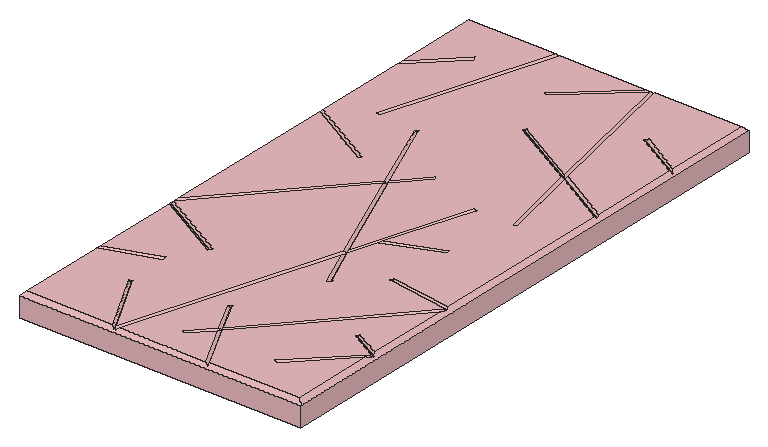
Revit family "TWIGS  2ft x 4ft", category Specialty Equipment, Revit 2023
Family settings
  Round Connector Dimension = Use Diameter
  Part Type = Normal
  OmniClass Number = 23.35.00.00
  OmniClass Title = Covering, Cladding, and Finishes
  Work Plane-Based = Yes
  Enable Cutting in Views = Yes
  Always vertical = No
  Cut with Voids When Loaded = No
  Maintain Annotation Orientation = No
  Shared = No
  Room Calculation Point = No
Parameters (values of type "2 INCH THICK - CUSTOM PAINTED - STANDARD")
  URL = "https://www.acousticalsurfaces.com/envirocoustic-wood-wool/designs/"
  Type Comments = "Acoustic panels for vertical and horizontal surfaces"
  Thickness = 0' - 2"
  Recycled Content Percentage = "0%"
  Model = "Envirocoustic Wood Wool"
  Material = "Envirocoustic Wood Wool"
  Manufacturer = "Acoustical Surfaces, Inc."
  Fire Rating = "ASTM E84 - Class A"
  Finish = Paint - Acoustical-Surfaces - Custom Painted
  Description = "Acoustic Panels"
  Default Elevation = 0' - 0"
  Backer Thickness = 0' - 1"
  Backer = no
  Assembly Code = "C30"
  Acoustics - NRC = "Sound absorption varies from NRC 0.45 to 0.95 based on installation method used when tested per ASTM C423."
Types (27): name | Thickness | Finish | Backer Thickness | Backer
  2 INCH THICK - CUSTOM PAINTED - STANDARD | 0' - 2" | Paint - Acoustical-Surfaces - Custom Painted | 0' - 1" | no
  2 INCH THICK - PRIMED WHITE - STANDARD | 0' - 2" | Paint - Acoustical-Surfaces - Primed White | 0' - 1" | no
  2 INCH THICK - PRIMED CLEAR - STANDARD | 0' - 2" | Paint - Acoustical-Surfaces - Primed Clear | 0' - 1" | no
  2 INCH THICK - PRIMED WHITE - 2 INCH CFAB BACKER | 0' - 2" | Paint - Acoustical-Surfaces - Primed White | 0' - 2" | yes
  2 INCH THICK - PRIMED WHITE - 1 INCH CFAB BACKER | 0' - 2" | Paint - Acoustical-Surfaces - Primed White | 0' - 1" | yes
  2 INCH THICK - PRIMED CLEAR - 2 INCH CFAB BACKER | 0' - 2" | Paint - Acoustical-Surfaces - Primed Clear | 0' - 2" | yes
  2 INCH THICK - PRIMED CLEAR - 1 INCH CFAB BACKER | 0' - 2" | Paint - Acoustical-Surfaces - Primed Clear | 0' - 1" | yes
  2 INCH THICK - CUSTOM PAINTED - 2 INCH CFAB BACKER | 0' - 2" | Paint - Acoustical-Surfaces - Custom Painted | 0' - 2" | yes
  2 INCH THICK - CUSTOM PAINTED - 1 INCH CFAB BACKER | 0' - 2" | Paint - Acoustical-Surfaces - Custom Painted | 0' - 1" | yes
  1-3/8 INCH THICK - CUSTOM PAINTED - STANDARD | 0' - 1 3/8" | Paint - Acoustical-Surfaces - Custom Painted | 0' - 1" | no
  1-3/8 INCH THICK - PRIMED WHITE - STANDARD | 0' - 1 3/8" | Paint - Acoustical-Surfaces - Primed White | 0' - 1" | no
  1-3/8 INCH THICK - PRIMED CLEAR - STANDARD | 0' - 1 3/8" | Paint - Acoustical-Surfaces - Primed Clear | 0' - 1" | no
  1-3/8 INCH THICK - PRIMED WHITE - 2 INCH CFAB BACKER | 0' - 1 3/8" | Paint - Acoustical-Surfaces - Primed White | 0' - 2" | yes
  1-3/8 INCH THICK - PRIMED WHITE - 1 INCH CFAB BACKER | 0' - 1 3/8" | Paint - Acoustical-Surfaces - Primed White | 0' - 1" | yes
  1-3/8 INCH THICK - PRIMED CLEAR - 2 INCH CFAB BACKER | 0' - 1 3/8" | Paint - Acoustical-Surfaces - Primed Clear | 0' - 2" | yes
  1-3/8 INCH THICK - PRIMED CLEAR - 1 INCH CFAB BACKER | 0' - 1 3/8" | Paint - Acoustical-Surfaces - Primed Clear | 0' - 1" | yes
  1-3/8 INCH THICK - CUSTOM PAINTED - 2 INCH CFAB BACKER | 0' - 1 3/8" | Paint - Acoustical-Surfaces - Custom Painted | 0' - 2" | yes
  1-3/8 INCH THICK - CUSTOM PAINTED - 1 INCH CFAB BACKER | 0' - 1 3/8" | Paint - Acoustical-Surfaces - Custom Painted | 0' - 1" | yes
  1 INCH THICK - CUSTOM PAINTED - STANDARD | 0' - 1" | Paint - Acoustical-Surfaces - Custom Painted | 0' - 1" | no
  1 INCH THICK - PRIMED WHITE - STANDARD | 0' - 1" | Paint - Acoustical-Surfaces - Primed White | 0' - 1" | no
  1 INCH THICK - PRIMED CLEAR - STANDARD | 0' - 1" | Paint - Acoustical-Surfaces - Primed Clear | 0' - 1" | no
  1 INCH THICK - PRIMED WHITE - 2 INCH CFAB BACKER | 0' - 1" | Paint - Acoustical-Surfaces - Primed White | 0' - 2" | yes
  1 INCH THICK - PRIMED WHITE - 1 INCH CFAB BACKER | 0' - 1" | Paint - Acoustical-Surfaces - Primed White | 0' - 1" | yes
  1 INCH THICK - PRIMED CLEAR - 2 INCH CFAB BACKER | 0' - 1" | Paint - Acoustical-Surfaces - Primed Clear | 0' - 2" | yes
  1 INCH THICK - PRIMED CLEAR - 1 INCH CFAB BACKER | 0' - 1" | Paint - Acoustical-Surfaces - Primed Clear | 0' - 1" | yes
  1 INCH THICK - CUSTOM PAINTED - 2 INCH CFAB BACKER | 0' - 1" | Paint - Acoustical-Surfaces - Custom Painted | 0' - 2" | yes
  1 INCH THICK - CUSTOM PAINTED - 1 INCH CFAB BACKER | 0' - 1" | Paint - Acoustical-Surfaces - Custom Painted | 0' - 1" | yes
Reference planes (in)
  plane 1 "Center (Front/Back)": y = 0
  plane 2: z = 0
  plane 3 "Center (Left/Right)": x = 0
  plane 4: x = -12
  plane 5: x = 12
  plane 6: y = 24
  plane 7: y = -24
  plane 8: z = 2
  plane 9: z = -1
Forms (in)
  Extrusion 1, solid, material "Paint - Acoustical-Surfaces - Custom Painted" <- "Finish"
    sketch origin (0, 0, 0) x (1, 0, 0) y (0, 1, 0)
      loop
        line (12, 24) -> (-12, 24) -> (-12, -24) -> (12, -24) -> (12, 24)
    from 0 to 2
  Sweep 2, void
    path in 3D
      loop
        line (12, 24, 2) -> (-12, 24, 2) -> (-12, -24, 2) -> (12, -24, 2) -> (12, 24, 2)
    profile "Triangle : Family2" origin (12, 0, 2) x (-1, 0, 0) y (0, 0, 1)
      loop
        line (0, 0) -> (0, -0.315) -> (0.315, 0) -> (0, 0)
  Extrusion 3, solid, visible <- "Backer"
    sketch origin (0, 0, 0) x (1, 0, 0) y (0, 1, 0)
      loop
        line (12, 24) -> (-12, 24) -> (-12, -24) -> (12, -24) -> (12, 24)
    from 0 to -1
  Sweep 4, void
    path origin (0, 0, 2) x (1, 0, 0) y (0, 1, 0)
      loop
        line (12, 16) -> (7.74584, 18.37714)
    profile "Groove : Family2" origin (9.87292, 17.18857, 2) x (-0.487792, -0.87296, 0) y (0, 0, 1)
      loop
        line (-0.1575, 0) -> (0, -0.1575) -> (0.1575, 0) -> (-0.1575, 0)
  Sweep 5, void
    path origin (0, 0, 2) x (1, 0, 0) y (0, 1, 0)
      loop
        line (8.19348, 3.81409) -> (4, 24)
    profile "Groove : Family2" origin (6.09674, 13.90704, 2) x (-0.979096, -0.2034, 0) y (0, 0, 1)
      loop
        line (-0.1575, 0) -> (0, -0.1575) -> (0.1575, 0) -> (-0.1575, 0)
  Sweep 6, void
    path origin (0, 0, 2) x (1, 0, 0) y (0, 1, 0)
      loop
        line (4, 24) -> (-1.39716, 19.00895)
    profile "Groove : Family2" origin (1.30142, 21.50447, 2) x (0.678945, -0.734189, 0) y (0, 0, 1)
      loop
        line (-0.1575, 0) -> (0, -0.1575) -> (0.1575, 0) -> (-0.1575, 0)
  Sweep 7, void
    path origin (0, 0, 2) x (1, 0, 0) y (0, 1, 0)
      loop
        line (12, 8) -> (0.49414, 14.42925)
    profile "Groove : Family2" origin (6.24707, 11.21462, 2) x (-0.487792, -0.87296, 0) y (0, 0, 1)
      loop
        line (-0.1575, 0) -> (0, -0.1575) -> (0.1575, 0) -> (-0.1575, 0)
  Sweep 8, void
    path origin (0, 0, 2) x (1, 0, 0) y (0, 1, 0)
      loop
        line (-4, 24) -> (-8.46443, 9.94636)
    profile "Groove : Family2" origin (-6.23222, 16.97318, 2) x (0.953066, -0.302761, 0) y (0, 0, 1)
      loop
        line (-0.1575, 0) -> (0, -0.1575) -> (0.1575, 0) -> (-0.1575, 0)
  Sweep 9, void
    path origin (0, 0, 2) x (1, 0, 0) y (0, 1, 0)
      loop
        line (-12, 16) -> (-8.13529, 19.86471)
    profile "Groove : Family2" origin (-10.06765, 17.93235, 2) x (-0.707107, 0.707107, 0) y (0, 0, 1)
      loop
        line (-0.1575, 0) -> (0, -0.1575) -> (0.1575, 0) -> (-0.1575, 0)
  Sweep 10, void
    path origin (0, 0, 2) x (1, 0, 0) y (0, 1, 0)
      loop
        line (4.81419, 3.74629) -> (-4, -24)
    profile "Groove : Family2" origin (0.40709, -10.12685, 2) x (0.953066, -0.302761, 0) y (0, 0, 1)
      loop
        line (-0.1575, 0) -> (0, -0.1575) -> (0.1575, 0) -> (-0.1575, 0)
  Sweep 11, void
    path origin (0, 0, 2) x (1, 0, 0) y (0, 1, 0)
      loop
        line (2.43506, -3.74298) -> (7.00312, -1.90982)
    profile "Groove : Family2" origin (4.71909, -2.8264, 2) x (-0.37243, 0.92806, 0) y (0, 0, 1)
      loop
        line (-0.1575, 0) -> (0, -0.1575) -> (0.1575, 0) -> (-0.1575, 0)
  Sweep 12, void
    path origin (0, 0, 2) x (1, 0, 0) y (0, 1, 0)
      loop
        line (3.27572, -9.98917) -> (-5.00874, 9.72623)
    profile "Groove : Family2" origin (-0.86651, -0.13147, 2) x (-0.921915, -0.387391, 0) y (0, 0, 1)
      loop
        line (-0.1575, 0) -> (0, -0.1575) -> (0.1575, 0) -> (-0.1575, 0)
  Sweep 13, void
    path origin (0, 0, 2) x (1, 0, 0) y (0, 1, 0)
      loop
        line (-12, -8) -> (0, 5.49886)
    profile "Groove : Family2" origin (-6, -1.25057, 2) x (-0.747382, 0.664395, 0) y (0, 0, 1)
      loop
        line (-0.1575, 0) -> (0, -0.1575) -> (0.1575, 0) -> (-0.1575, 0)
  Sweep 14, void
    path origin (0, 0, 2) x (1, 0, 0) y (0, 1, 0)
      loop
        line (-12, 8) -> (-5.69067, 4.47447)
    profile "Groove : Family2" origin (-8.84534, 6.23724, 2) x (0.487792, 0.87296, 0) y (0, 0, 1)
      loop
        line (-0.1575, 0) -> (0, -0.1575) -> (0.1575, 0) -> (-0.1575, 0)
  Sweep 15, void
    path origin (0, 0, 2) x (1, 0, 0) y (0, 1, 0)
      loop
        line (12, -8) -> (6.38148, -7.1889)
    profile "Groove : Family2" origin (9.19074, -7.59445, 2) x (-0.142881, -0.98974, 0) y (0, 0, 1)
      loop
        line (-0.1575, 0) -> (0, -0.1575) -> (0.1575, 0) -> (-0.1575, 0)
  Sweep 16, void
    path origin (0, 0, 2) x (1, 0, 0) y (0, 1, 0)
      loop
        line (0, -21.49886) -> (12, -8)
    profile "Groove : Family2" origin (6, -14.74943, 2) x (-0.747382, 0.664395, 0) y (0, 0, 1)
      loop
        line (-0.1575, 0) -> (0, -0.1575) -> (0.1575, 0) -> (-0.1575, 0)
  Sweep 17, void
    path origin (0, 0, 2) x (1, 0, 0) y (0, 1, 0)
      loop
        line (7.26489, -20.77888) -> (12, -16) -> (9.37328, -14.53224)
    profile "Groove : Family2" origin (10.68664, -15.26612, 2) x (-0.487792, -0.87296, 0) y (0, 0, 1)
      loop
        line (-0.1575, 0) -> (0, -0.1575) -> (0.1575, 0) -> (-0.1575, 0)
  Sweep 18, void
    path origin (0, 0, 2) x (1, 0, 0) y (0, 1, 0)
      loop
        line (4, -24) -> (0.1898, -16.75548)
    profile "Groove : Family2" origin (2.0949, -20.37774, 2) x (-0.885054, -0.465487, 0) y (0, 0, 1)
      loop
        line (-0.1575, 0) -> (0, -0.1575) -> (0.1575, 0) -> (-0.1575, 0)
  Sweep 19, void
    path origin (0, 0, 2) x (1, 0, 0) y (0, 1, 0)
      loop
        line (-4, -24) -> (-7.19402, -18.18491)
    profile "Groove : Family2" origin (-5.59701, -21.09245, 2) x (-0.876489, -0.481423, 0) y (0, 0, 1)
      loop
        line (-0.1575, 0) -> (0, -0.1575) -> (0.1575, 0) -> (-0.1575, 0)
  Sweep 20, void
    path origin (0, 0, 2) x (1, 0, 0) y (0, 1, 0)
      loop
        line (-5.69067, -11.52553) -> (-12, -8)
    profile "Groove : Family2" origin (-8.84534, -9.76276, 2) x (-0.487792, -0.87296, 0) y (0, 0, 1)
      loop
        line (-0.1575, 0) -> (0, -0.1575) -> (0.1575, 0) -> (-0.1575, 0)
  Sweep 21, void
    path origin (0, 0, 2) x (1, 0, 0) y (0, 1, 0)
      loop
        line (-12, -16) -> (-7.28853, -14.41525)
    profile "Groove : Family2" origin (-9.64427, -15.20762, 2) x (-0.318809, 0.947819, 0) y (0, 0, 1)
      loop
        line (-0.1575, 0) -> (0, -0.1575) -> (0.1575, 0) -> (-0.1575, 0)
Cuts and joins
  Sweep 2, Sweep 4, Sweep 5, Sweep 6, Sweep 7, Sweep 8, Sweep 9, Sweep 10, Sweep 11, Sweep 12, Sweep 13, Sweep 14, Sweep 15, Sweep 16, Sweep 17, Sweep 18, Sweep 19, Sweep 20, Sweep 21 cuts Extrusion 1
Lines and regions (in)
  sketch lines
    curve 1: line (12, -24, 2) -> (12, 24, 2)
    curve 2: line (-12, -24, 2) -> (12, -24, 2)
    curve 3: line (-12, 24, 2) -> (-12, -24, 2)
    curve 4: line (12, 24, 2) -> (-12, 24, 2)
Dimensions and locks (in)
  equal spacing: plane 4, plane 3 "Center (Left/Right)", plane 5
  equal spacing: plane 7, plane 1 "Center (Front/Back)", plane 6
  plane 7 to plane 6 = 4' - 0"
  locked: plane 4 to plane 5 at 24
  "Thickness": plane 8 to level
  "Backer Thickness": level to plane 9
  aligned and locked: level to plane 2
  aligned and locked: Extrusion 1 sketch curve to plane 4
  aligned and locked: plane 5 to Extrusion 1 sketch curve
  aligned and locked: Extrusion 1 sketch curve to plane 6
  aligned and locked: Extrusion 1 sketch curve to plane 7
  aligned and locked: Extrusion 1 to plane 8
  aligned and locked: Extrusion 3 sketch curve to plane 4
  aligned and locked: plane 5 to Extrusion 3 sketch curve
  aligned and locked: Extrusion 3 sketch curve to plane 6
  aligned and locked: Extrusion 3 sketch curve to plane 7
  aligned and locked: plane 9 to Extrusion 3
Automatic sketch dimensions
  Sweep 17 sketch curve to Extrusion 1 = 0' - 0"
  Sweep 17 sketch curve to Extrusion 1 = 0' - 8"
  Sweep 17 sketch curve to Extrusion 1 = 0' - 2.62672"
  Sweep 17 sketch curve to Extrusion 1 = 0' - 4.73511"
  Sweep 17 sketch curve to Extrusion 1 = 0' - 3.22112"
  Sweep 17 sketch curve to Sweep 17 sketch curve = 0' - 1.46776"
